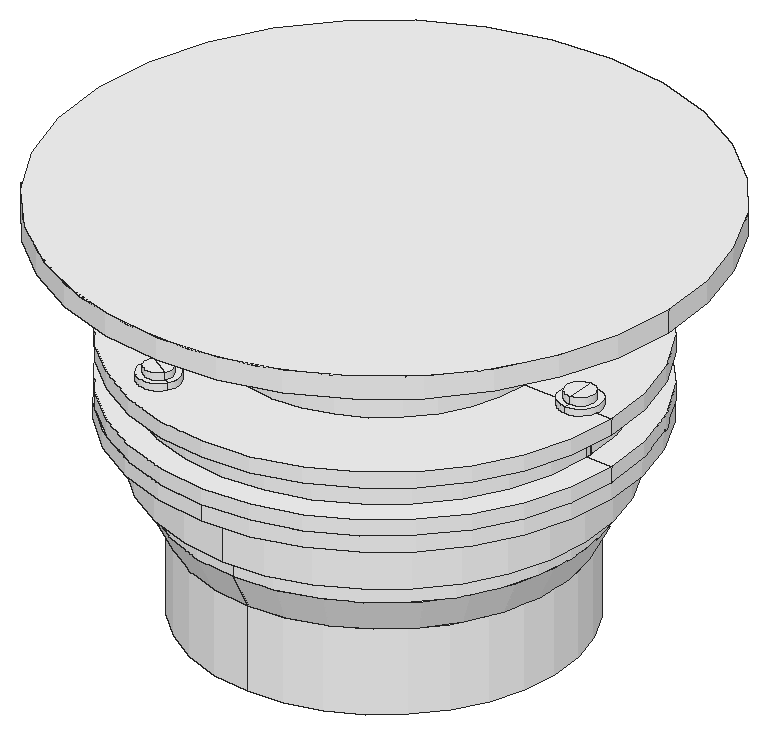
Revit family "F1100-C-POD", category Plumbing Fixtures, host Face, Revit 2017
Family settings
  Host = Face
  Round Connector Dimension = Use Radius
  Part Type = Normal
  Cut with Voids When Loaded = No
  Shared = No
  Room Calculation Point = No
Parameters (values of type "10" Dia  Strainer - 6" Drain")
  WFU = 0
  URL = "WWW.MIFAB.COM"
  Strainer Diameter = 0' - 6 15/16"
  Strainer Adjustment [instance] = 0' - 1 1/2"
  Pipe Radius = Pipe Diameter / 2  # 0' - 3"
  Pipe Diameter = 0' - 6"
  Model = "F1100-C-POD"
  Manufacturer = "MIFAB"
  Floor Drain Material = Paint - Sherwin Williams Paint - #952C2A - Bellwood Red
  Domestic Cold Water Radius = 0' - 0 1/4"
  Domestic Cold Water Diameter = Domestic Cold Water Radius * 2  # 0' - 0 1/2"
  Diameter = 0' - 10"
  Description = "PLANTER PODIUM DRAIN"
  Default Elevation = 0' - 0"
  CWFU = 0
  Body Height = 0' - 3 3/8"
  Assembly Code = ""
Types (6): name | Pipe Radius | Pipe Diameter | Model | Diameter
  (no name) | 0' - 3" | 0' - 6" | "F1100-C-POD" | 0' - 10"
  5" Dia  Strainer - 2" Drain | 0' - 1" | 0' - 2" | "F1100-C-4POD" | 0' - 5"
  6" Dia  Strainer - 3" Drain | 0' - 1 1/2" | 0' - 3" | "F1100-C-4POD" | 0' - 6"
  7" Dia  Strainer - 4" Drain | 0' - 2" | 0' - 4" | "F1100-C-4POD" | 0' - 7"
  8" Dia  Strainer - 5" Drain | 0' - 2 1/2" | 0' - 5" | "F1100-C-4POD" | 0' - 8"
  10" Dia  Strainer - 6" Drain | 0' - 3" | 0' - 6" | "F1100-C-POD" | 0' - 10"
Reference planes (in)
  plane 1 "Center (Front/Back)": y = 0
  plane 2: z = 0
  plane 3 "Center (Left/Right)": x = 0
  plane 4: z = -6.44375
  plane 5: z = -1.56875
  plane 6: y = -3
  plane 7: y = 3
  plane 8: x = -2
  plane 9: x = 2
  plane 10: z = -0.8
  plane 11: z = -2.31875
  plane 12: z = -0.35625
  plane 13: z = -3.06875
  plane 14: z = -1.35
  plane 15: y = -4
Forms (in)
  Revolve 1, solid, material "Paint - Sherwin Williams Paint - #952C2A - Bellwood Red" <- "Floor Drain Material"
    sketch origin (0, 0.04396, -1.56875) x (0, 1, 0) y (0, 0, 1)
      loop
        line (-3.02966, -1.5) -> (-4.04396, -1.5) -> (-4.04396, -1.76052) -> (-3.59216, -1.76052) -> (-3.59216, -2.59834) -> (-3.34424, -2.59834) -> (-3.34424, -2.94618) -> (-3.04396, -3.53113) -> (-3.04396, -4.875) -> (-2.79396, -4.875) -> (-2.79396, -3.32029) -> (-3.02966, -2.75632) -> (-3.02966, -1.5)
      axis (-0.04396, -1.5) -> (-0.04396, -4.875)
    angle from 0 to 360
  Revolve 2, solid, material "Paint - Sherwin Williams Paint - #952C2A - Bellwood Red" <- "Floor Drain Material"
    sketch origin (0.4375, 0, -1.84375) x (1, 0, 0) y (0, 0, 1)
      loop
        line (-4.4739, -1.90391) -> (-2.8927, -1.90391) -> (-2.8927, -1.5703) -> (-3.81457, -1.5703) -> (-3.90837, -1.65391) -> (-4.4739, -1.65391) -> (-4.4739, -1.90391)
      axis (-2.8927, -1.90391) -> (-4.4739, -1.90391)
    angle from 0 to 360
  Revolve 3, solid, material "Paint - Sherwin Williams Paint - #952C2A - Bellwood Red" <- "Floor Drain Material"
    sketch origin (3.39723, 3.35604, -2.14062) x (0, 1, 0) y (0, 0, 1)
      loop
        line (-3.29765, 0.29194) -> (-3.53152, 0.29194) -> (-3.53152, 0.17323) -> (-3.63503, 0.17323) -> (-3.63503, 0.07187) -> (-3.45781, 0.07187) -> (-3.45781, -0.77637) -> (-3.29765, -0.77637) -> (-3.29765, 0.29194)
      axis (-3.29765, 0.29194) -> (-3.29765, -0.77637)
    angle from 0 to 360
  Revolve 4, solid, material "Paint - Sherwin Williams Paint - #952C2A - Bellwood Red" <- "Floor Drain Material"
    sketch origin (1.3051, -4.66435, -2.04687) x (0.866025, -0.5, 0) y (0, 0, 1)
      loop
        line (-3.29765, 0.19819) -> (-3.52371, 0.19819) -> (-3.52371, 0.09008) -> (-3.62722, 0.09008) -> (-3.62722, -0.02188) -> (-3.45688, -0.02188) -> (-3.45688, -0.87012) -> (-3.29765, -0.87012) -> (-3.29765, 0.19819)
      axis (-3.29765, 0.19819) -> (-3.29765, -0.87012)
    angle from 0 to 360
  Revolve 5, solid, material "Paint - Sherwin Williams Paint - #952C2A - Bellwood Red" <- "Floor Drain Material"
    sketch origin (-4.53881, 1.29621, -2.14062) x (-0.866025, -0.5, 0) y (0, 0, 1)
      loop
        line (-3.29765, 0.29194) -> (-3.56277, 0.29194) -> (-3.56277, 0.17323) -> (-3.66628, 0.17323) -> (-3.66628, 0.07188) -> (-3.45781, 0.07188) -> (-3.45781, -0.77637) -> (-3.29765, -0.77637) -> (-3.29765, 0.29194)
      axis (-3.29765, 0.29194) -> (-3.29765, -0.77637)
    angle from 0 to 360
  Revolve 6, solid, material "Paint - Sherwin Williams Paint - #952C2A - Bellwood Red" <- "Floor Drain Material"
    sketch origin (0, 0, 2.53125) x (1, 0, 0) y (0, 0, 1)
      loop
        line (3.99992, -5.6) -> (3.99992, -5.34931) -> (3.56486, -5.34931) -> (3.56486, -4.85) -> (3.99992, -4.85) -> (3.99992, -4.6) -> (2.46373, -4.6) -> (2.46373, -3.98066)
        arc (2.46373, -3.98066) -> (2.43441, -3.90988) -> (2.36363, -3.88056) r 0.1001
        line (2.36363, -3.88056) -> (2.30748, -3.88056) -> (2.30748, -4.85) -> (3.31486, -4.85) -> (3.31486, -5.6) -> (3.99992, -5.6)
      axis (0, -5.6) -> (0, -3.88056)
    angle from 0 to 360
  Revolve 7, solid, material "Paint - Sherwin Williams Paint - #952C2A - Bellwood Red" <- "Floor Drain Material"
    sketch origin (0, 0, 0) x (1, 0, 0) y (0, 0, 1)
      loop
        line (2.30758, -1.74724) -> (2.30758, -0.35625) -> (2.21097, -0.35625) -> (2.21097, -1.74724) -> (2.30758, -1.74724)
      axis (0, -1.74724) -> (0, -0.35625)
    angle from 0 to 360
  Extrusion 8, solid, material "Paint - Sherwin Williams Paint - #952C2A - Bellwood Red" <- "Floor Drain Material"
    sketch origin (0, 0, 0) x (1, 0, 0) y (0, 1, 0)
      loop
        circle (0, 0) r 5
    from 0 to -0.35625
Cuts and joins
  joined: Revolve 1, Revolve 2
Lines and regions (in)
  model lines, not visible
    curve 1: line (0, -7.25, -4.65405) -> (0, -7.25, -3.90405)
    curve 2: line (0, -7.25, -3.90405) -> (0, -7.65762, -3.90405)
    curve 3: line (0, -7.25, -4.65405) -> (0, -7.65762, -4.65405)
Dimensions and locks (in)
  Revolve 1 to Revolve 2 sketch curve = 0' - 0.4184"
  equal spacing: plane 7, plane 1 "Center (Front/Back)", plane 6
  "Pipe Diameter": plane 7 to plane 6
  "Pipe Radius": plane 1 "Center (Front/Back)" to plane 6
  locked: Revolve 2 sketch curve to plane 3 "Center (Left/Right)" at 2.4552
  equal spacing: plane 8, plane 3 "Center (Left/Right)", plane 9
  plane 8 to plane 9 = 0' - 4"
  level to plane 12 to plane 10 = 0' - 0.35625", 0' - 0.44375"
  level to plane 13 = 0' - 3.06875"
  "Body Height": plane 13 to plane 4
  level to plane 12 = 0' - 0.35625"
  plane 11 to plane 13 = 0' - 0 3/4"
  locked: plane 1 "Center (Front/Back)" to plane 15 at 4
  plane 13 to cut or joined group of Revolve 1, Revolve 2 = 0' - 3 3/8"  (x2)
  "Diameter": diameter of Extrusion 8 sketch curve
  aligned and locked: plane 2 to host face
  aligned and locked: level to host face
  aligned and locked: Revolve 1 sketch curve to plane 6
  aligned and locked: Revolve 1 sketch curve to plane 13
  aligned and locked: Extrusion 8 to plane 2
  aligned and locked: Extrusion 8 to plane 12
Automatic sketch dimensions
  host sketch curve to host sketch curve = 8' - 0"  (x2)
  Revolve 2 sketch curve to plane 13 = 0' - 0.3453"
  Revolve 2 sketch curve to Revolve 2 sketch curve = 0' - 0 59/64"
  Revolve 2 sketch curve to Revolve 2 sketch curve = 0' - 0.09379"
  Revolve 2 sketch curve to Revolve 2 sketch curve = 0' - 0.56553"
  Revolve 2 sketch curve to Revolve 2 sketch curve = 0' - 0 1/4"
  Revolve 2 sketch curve to Revolve 2 sketch curve = 0' - 0.22507"
  Revolve 2 sketch curve to Revolve 2 sketch curve = 0' - 0"  (x2)
  plane 1 "Center (Front/Back)" to Revolve 3 sketch curve = 0' - 0.27899"
  Revolve 3 sketch curve to Revolve 3 sketch curve = 0' - 0.10351"
  plane 1 "Center (Front/Back)" to Revolve 3 sketch curve = 0' - 0.10177"
  Revolve 3 sketch curve to plane 1 "Center (Front/Back)" = 0' - 0.05839"  (x2)
  plane 13 to Revolve 3 sketch curve = 0' - 0.15176"
  plane 11 to Revolve 3 sketch curve = 0' - 0 1/4"
  Revolve 3 sketch curve to Revolve 3 sketch curve = 0' - 0.10135"
  Revolve 3 sketch curve to Revolve 3 sketch curve = 0' - 0.11871"
  Revolve 3 sketch curve to plane 13 = 0' - 0.19014"
  Revolve 3 sketch curve to Revolve 3 sketch curve = 0' - 0.0875"
  plane 11 to Revolve 4 sketch curve = 0' - 0.36195"
  Revolve 4 sketch curve to Revolve 4 sketch curve = 0' - 0.10351"
  Revolve 4 sketch curve to Revolve 4 sketch curve = 0' - 0.06683"
  Revolve 4 sketch curve to Revolve 4 sketch curve = 0' - 0.22606"
  Revolve 4 sketch curve to Revolve 4 sketch curve = 0' - 0.11195"
  plane 13 to Revolve 4 sketch curve = 0' - 0.15176"
  Revolve 4 sketch curve to Revolve 4 sketch curve = 0' - 0.10811"
  Revolve 4 sketch curve to Revolve 4 sketch curve = 0' - 0"
  Revolve 4 sketch curve to plane 13 = 0' - 0.19014"
  Revolve 4 sketch curve to Revolve 4 sketch curve = 0' - 0.0875"
  plane 11 to Revolve 5 sketch curve = 0' - 0.35135"
  Revolve 5 sketch curve to Revolve 5 sketch curve = 0' - 0.10351"
  Revolve 5 sketch curve to Revolve 5 sketch curve = 0' - 0.10496"
  Revolve 5 sketch curve to Revolve 5 sketch curve = 0' - 0.26512"
  Revolve 5 sketch curve to Revolve 5 sketch curve = 0' - 0.10135"
  plane 13 to Revolve 5 sketch curve = 0' - 0.15176"
  Revolve 5 sketch curve to Revolve 5 sketch curve = 0' - 0.22007"
  Revolve 5 sketch curve to Revolve 5 sketch curve = 0' - 0"
  Revolve 5 sketch curve to plane 13 = 0' - 0.19014"
  Revolve 5 sketch curve to Revolve 5 sketch curve = 0' - 0.0875"
  Revolve 7 sketch curve to plane 3 "Center (Left/Right)" = 0' - 0"
  Revolve 7 sketch curve to plane 12 = 0' - 0"
  Revolve 7 sketch curve to plane 9 = 0' - 0.21097"
  Revolve 7 sketch curve to Revolve 7 sketch curve = 0' - 0.09661"
  Revolve 7 sketch curve to plane 14 = 0' - 0.39724"
  level to Revolve 7 sketch curve = 0' - 1.39375"
  Revolve 7 sketch curve to Revolve 7 sketch curve = 0' - 0 1/4"
  Revolve 6 sketch curve to plane 3 "Center (Left/Right)" = 0' - 0"
  Revolve 6 sketch curve to plane 11 = 0' - 0"  (x2)
  Revolve 6 sketch curve to plane 13 = 0' - 0"
  Revolve 6 sketch curve to plane 9 = 0' - 0.30748"
  plane 14 to Revolve 6 sketch curve = 0' - 0.00069"
  Revolve 6 sketch curve to Revolve 6 sketch curve = 0' - 0.05615"
  Revolve 6 sketch curve to plane 14 = 0' - 0.09941"
  Revolve 6 sketch curve to Revolve 6 sketch curve = 0' - 0.85113"
  Revolve 6 sketch curve to Revolve 6 sketch curve = 0' - 0 1/4"
  Revolve 6 sketch curve to Revolve 6 sketch curve = 0' - 0.43507"  (x2)
  plane 13 to Revolve 6 sketch curve = 0' - 0.25069"
  plane 11 to Revolve 6 sketch curve = 0' - 0 1/4"
  level to Revolve 6 sketch curve = 0' - 2.83819"
  Revolve 6 sketch curve to Revolve 6 sketch curve = 0' - 0 3/4"
  Revolve 1 sketch curve to plane 15 = 0' - 0"
  Revolve 1 sketch curve to plane 4 = 0' - 0"  (x2)
  Revolve 1 sketch curve to plane 1 "Center (Front/Back)" = 0' - 0"
  Revolve 1 sketch curve to plane 15 = 0' - 0.4518"
  Revolve 1 sketch curve to Revolve 1 sketch curve = 0' - 0.24792"
  Revolve 1 sketch curve to plane 6 = 0' - 0.0143"
  Revolve 1 sketch curve to plane 6 = 0' - 0 1/4"
  Revolve 1 sketch curve to Revolve 1 sketch curve = 0' - 1.34387"
  Revolve 1 sketch curve to Revolve 1 sketch curve = 0' - 0.21084"
  Revolve 1 sketch curve to Revolve 1 sketch curve = 0' - 0.58495"
  Revolve 1 sketch curve to Revolve 1 sketch curve = 0' - 0.56396"
  Revolve 1 sketch curve to Revolve 1 sketch curve = 0' - 0.34784"
  Revolve 1 sketch curve to plane 13 = 0' - 0.26052"
  Revolve 1 sketch curve to plane 13 = 0' - 0 1/4"
  plane 1 "Center (Front/Back)" to Extrusion 8 sketch curve = 0' - 0"
  Extrusion 8 sketch curve to plane 3 "Center (Left/Right)" = 0' - 0"
Connectors (in)
  piping at (-4.0364, 0, -3.74766), diameter 0.5, driven by "Domestic Cold Water Radius", driven by "CWFU"
    settings: on Revolve 2, index 1, connector inside diameter 1/2", connector length 0' - 0", flow factor 0, pipe flow 0 GPM, pressure drop 0.00 psi, fitting loss kfactor 0, connector angle 0.00°, fixture units 0, engagement length 0' - 0", angle of deflection 0.00°, flow configuration 3, flow direction 1, fitting loss method 0, system type 20, joint type 0, gender type 0, connector reference index -1, connector utility 0, adjustable connector no, is connector primary yes, connector description "Domestic Cold Water In"
  piping at (0, 0, -6.44375), diameter 6, driven by "Pipe Radius", driven by "WFU"
    settings: on Revolve 1, index 2, connector inside diameter 2", connector length 0' - 0", flow factor 0, pipe flow 0 GPM, pressure drop 0.00 psi, fitting loss kfactor 0, connector angle 0.00°, fixture units 0, engagement length 0' - 0", angle of deflection 0.00°, flow configuration 3, flow direction 2, fitting loss method 0, system type 16, joint type 0, gender type 0, connector reference index -1, connector utility 0, adjustable connector no, is connector primary no, connector description "Sanitary Out"
